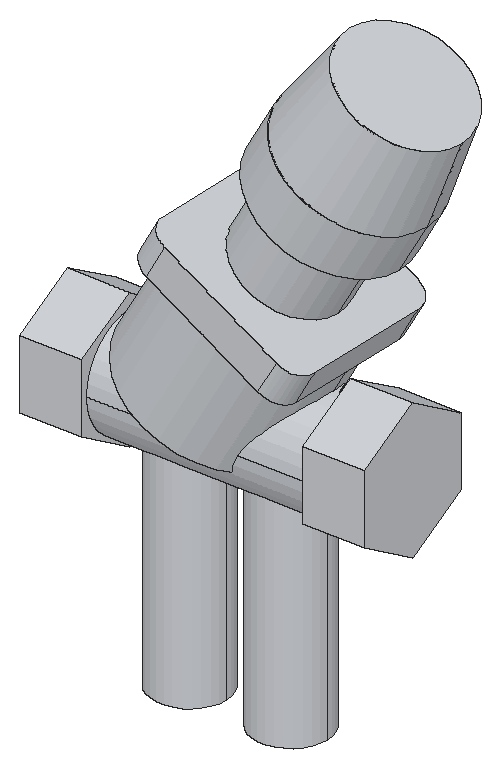
Revit family "OPTIMA_Compact_Plus_FF_DN15_5,0_RFA_2018", category Pipe Accessories, Revit 2018
Family settings
  Round Connector Dimension = Use Diameter
  Part Type = Valve - Breaks Into
  Work Plane-Based = No
  Always vertical = Yes
  Cut with Voids When Loaded = No
  Shared = No
Parameters (values of type "OPTIMA Compact Plus DN15 F-F 5.0mm")
  magiProductId = "2e6505697e744e01b0ad9c2d669662"
  magiProductFamilyId = "01be67634ee84b2d9a1468c78c5465"
  magiPartTypeId = 304
  isMeasuringValve [instance] = no
  ang2D [instance] = 0.00°
  Z = 0 mm
  X = 7 mm
  W2D = 32 mm
  VersionID = "2.0/2018.8.28.1/FRESE_OPTIMA-COMPACT-FF_001"
  Use Minimum Symbol Size [instance] = yes
  URL = "www.hydronic.cz"
  Type Comments = "vnitřní závit; PN25; 0~120°C, s měřením"
  R9 = 8 mm
  R8 = 14 mm
  R7 = 17 mm
  R6 = 12 mm
  R5 = 5 mm
  R4 = 19 mm
  R3 = 19 mm
  R2 = 12 mm
  R1 = 15 mm
  QmdConnectorList = "301;D;302;D"
  Productdata [instance] = ""
  PLG0 = yes
  Manufacturer = "Hydronic Systems Prague s.r.o."
  MC Product Code = "53-1365  (1/2\" F-F; 5.0mm; Qmin-dpmin 220l/h-16.0kPa; Qmax-dpmin 1330l/h-21.6kPa; dpmax 800kPa)"
  MC Piping Given Pressure Drop [instance] = 0.0 Pa
  LL = 37.5 mm
  L3 = 11 mm
  L2D_Min = 3048 mm
  L2D = 104 mm
  L2 = 48 mm
  L1__ve = -L1  # -13.5 mm
  L1 = 13.5 mm
  H6__ve = -H6  # -57 mm
  H6 = 57 mm
  H5 = 20 mm
  H4 = 12 mm
  H3 = 18 mm
  H2 = 8 mm
  H1 = 26 mm
  Description = "Tlakově nezávislý 2-cestný regulační vyvažovací ventil (PICV)"
  D = 15 mm
  CenSd_R1_6 = R1 * cos(30.00°)  # 12.99 mm
  A = 30.00°
Types (6, lengths in mm): name | magiProductId | Z | X | R4 | R3 | R2 | R1 | MC Product Code | LL | L3 | L2 | L1__ve | L1 | H6__ve | H6 | H3 | H2 | H1 | D | CenSd_R1_6
  OPTIMA Compact Plus DN32 F-F 5.5mm | "df1c00d195034ef0b1ec6dc57a3080" | 1 | 13 | 29 | 31.5 | 22 | 26 | "53-1374  (5/4\" F-F; 5.5mm; Qmin-dpmin 550l/h-17.9kPa; Qmax-dpmin 4001l/h-28.0kPa; dpmax 800kPa)" | 52 | 12.5 | 66.56 | -18.72 | 18.72 | -68 | 68 | 16 | 10 | 46 | 32 | 22.517
  OPTIMA Compact Plus DN15 F-F 2.5mm | "89b348523dca4fefb6c7ae521abddd" | 0 | 7 | 19 | 19 | 12 | 15 | "53-1364  (1/2\" F-F; 2.5mm; Qmin-dpmin 100l/h-14.9kPa; Qmax-dpmin 575l/h-18.5kPa; dpmax 800kPa)" | 37.5 | 11 | 48 | -13.5 | 13.5 | -57 | 57 | 18 | 8 | 26 | 15 | 12.99
  OPTIMA Compact Plus DN15 F-F 5.0mm | "2e6505697e744e01b0ad9c2d669662" | 0 | 7 | 19 | 19 | 12 | 15 | "53-1365  (1/2\" F-F; 5.0mm; Qmin-dpmin 220l/h-16.0kPa; Qmax-dpmin 1330l/h-21.6kPa; dpmax 800kPa)" | 37.5 | 11 | 48 | -13.5 | 13.5 | -57 | 57 | 18 | 8 | 26 | 15 | 12.99
  OPTIMA Compact Plus DN20 F-F 5.0mm | "3b063aaad6f44e8dbcb4679e4a622e" | 0 | 10 | 19 | 19 | 13.5 | 17.5 | "53-1368  (3/4\" F-F; 5.0mm; Qmin-dpmin 220l/h-16.0kPa; Qmax-dpmin 1330l/h-21.6kPa; dpmax 800kPa)" | 39.5 | 11 | 50.56 | -14.22 | 14.22 | -59.5 | 59.5 | 18 | 8 | 26 | 20 | 15.155
  OPTIMA Compact Plus DN20 F-F 5.5mm | "6f2e419bcadf4dd2a9ff6e694a03fa" | 0 | 10 | 19 | 19 | 13.5 | 17.5 | "53-1338  (3/4\" F-F; 5.5mm; Qmin-dpmin 300l/h-17.8kPa; Qmax-dpmin 1800l/h-40.0kPa; dpmax 800kPa)" | 39.5 | 11 | 50.56 | -14.22 | 14.22 | -59.5 | 59.5 | 18 | 8 | 26 | 20 | 15.155
  OPTIMA Compact Plus DN25 F-F 5.5mm | "d9f644dbdce8417aa9c852cd9f0b5f" | 0 | 13 | 29 | 31.5 | 18.5 | 22 | "53-1373  (1\" F-F; 5.5mm; Qmin-dpmin 600l/h-17.3kPa; Qmax-dpmin 3609l/h-23.0kPa; dpmax 800kPa)" | 50 | 12.5 | 64 | -18 | 18 | -64 | 64 | 16 | 10 | 43 | 25 | 19.053
Reference planes
  plane 1 "Center (Front/Back)": y = 0
  plane 2 "XYPLANE": z = 0
  plane 3 "Center (Left/Right)": x = 0
  plane 4 "267": x = 11
  plane 5 "266": x = -11
  plane 6 "252": through (-607.519, 0, 447.746) normal (0.5, 0, 0.866)
  plane 7 "250": through (-617.519, 0, 430.426) normal (0.5, 0, 0.866)
  plane 8 "248": through (-623.519, 0, 420.033) normal (0.5, 0, 0.866)
  plane 9 "245": through (-632.519, 0, 404.445) normal (0.5, 0, 0.866)
  plane 10 "241": through (352.483, 0, 662.519) normal (0.866, 0, -0.5)
  plane 11 "240": through (385.392, 0, 643.519) normal (0.866, 0, -0.5)
  plane 12 "239": y = -19
  plane 13 "238": y = 19
  plane 14 "237": through (-636.519, 0, 397.517) normal (0.5, 0, 0.866)
  plane 15 "235": through (-649.519, 0, 375) normal (0.5, 0, 0.866)
  plane 16 "231": y = 0
  plane 17 "230": through (368.938, 0, 653.019) normal (0.866, 0, -0.5)
  plane 18 "211": x = -24
  plane 19 "204": x = 37.5
  plane 20 "203": x = -37.5
  plane 21 "202": x = 0
  plane 22 "201": z = 0
  plane 23 "200": y = 0
  plane 24 "227XY": through (-649.519, 0, 375) normal (0.5, 0, 0.866)
  plane 25 "227XZ": y = 0
  plane 26 "227YZ": through (375, 0, 649.519) normal (0.866, 0, -0.5)
Forms (mm)
  Extrusion 1, solid
    sketch origin (37.5, -750, 0) x (0, 1, 0) y (0, 0, 1)
      loop
        line (750, 15) -> (737.01, 7.5) -> (737.01, -7.5) -> (750, -15) -> (762.99, -7.5) -> (762.99, 7.5) -> (750, 15)
    from 0 to -13.5 <- "L1__ve"
  Extrusion 2, solid
    sketch origin (-37.5, -750, 0) x (0, 1, 0) y (0, 0, 1)
      loop
        line (750, 15) -> (737.01, 7.5) -> (737.01, -7.5) -> (750, -15) -> (762.99, -7.5) -> (762.99, 7.5) -> (750, 15)
    from 0 to 13.5 <- "L1"
  Extrusion 3, solid, visible <- "PLG0"
    sketch origin (-750, 0, 0) x (1, 0, 0) y (0, 1, 0)
      loop
        circle (761, 0) r 8
    from 0 to -57 <- "H6__ve"
  Extrusion 4, solid, visible <- "PLG0"
    sketch origin (-750, 0, 0) x (1, 0, 0) y (0, 1, 0)
      loop
        circle (739, 0) r 8
    from 0 to -57 <- "H6__ve"
  Blend 5, solid
    base sketch origin (-617.519, 0, 430.426) x (0.866025, 0, -0.5) y (0, 1, 0)
      loop
        circle (743, 0) r 17
    top sketch origin (-617.519, 0, 430.426) x (0.866025, 0, -0.5) y (0, 1, 0)
      loop
        circle (743, 0) r 14
    from 0 to 20
  Extrusion 6, solid
    sketch origin (-623.519, 0, 420.033) x (0.866025, 0, -0.5) y (0, 1, 0)
      loop
        circle (743, 0) r 17
    from 0 to 12 <- "H4"
  Extrusion 7, solid
    sketch origin (-632.519, 0, 404.445) x (0.866025, 0, -0.5) y (0, 1, 0)
      loop
        circle (743, 0) r 12
    from 0 to 18 <- "H3"
  Extrusion 8, solid
    sketch origin (-636.519, 0, 397.517) x (0.866025, 0, -0.5) y (0, 1, 0)
      loop
        arc (729, 19) -> (725.464, 17.536) -> (724, 14) r 5
        line (724, 14) -> (724, -14)
        arc (724, -14) -> (725.464, -17.536) -> (729, -19) r 5
        line (729, -19) -> (757, -19)
        arc (757, -19) -> (760.536, -17.536) -> (762, -14) r 5
        line (762, -14) -> (762, 14)
        arc (762, 14) -> (760.536, 17.536) -> (757, 19) r 5
        line (757, 19) -> (729, 19)
    from 0 to 8 <- "H2"
  Extrusion 9, solid
    sketch origin (-649.519, 0, 375) x (0.866025, 0, -0.5) y (0, 1, 0)
      loop
        circle (743, 0) r 19
    from 0 to 26 <- "H1"
  Extrusion 10, solid
    sketch origin (-24, -750, 0) x (0, 1, 0) y (0, 0, 1)
      loop
        circle (750, 0) r 12
    from 0 to 48 <- "L2"
  Extrusion 11, solid, not visible
    sketch origin (37.5, -750, 0) x (0, 1, 0) y (0, 0, 1)
      loop
        circle (750, 0) r 10
    from 0 to -10
  Extrusion 12, solid, not visible
    sketch origin (-37.5, -750, 0) x (0, 1, 0) y (0, 0, 1)
      loop
        circle (750, 0) r 10
    from 0 to 10
Lines and regions (mm)
  reference lines, not visible
    curve 1: circle (2, 2, 0) r 1 normal (0, 0, 1)
  reference lines
    curve 2: line (37.5, 0, 0) -> (37.5, -11.258, -6.5)
    curve 3: line (37.5, 0, 0) -> (37.5, 0, -13)
    curve 4: line (37.5, 0, 0) -> (37.5, 11.258, -6.5)
    curve 5: line (-37.5, 0, 0) -> (-37.5, 11.258, -6.5)
    curve 6: line (-37.5, 0, 0) -> (-37.5, 0, -13)
    curve 7: line (-37.5, 0, 0) -> (-37.5, -11.258, -6.5)
Dimensions and locks
  plane 1 "Center (Front/Back)" to curve 1 = 2 mm
  "L3": plane 3 "Center (Left/Right)" to plane 4 "267"
  "L3": plane 3 "Center (Left/Right)" to plane 5 "266"
  "H5": plane 7 "250" to plane 6 "252"
  "H4": plane 8 "248" to plane 7 "250"
  "H3": plane 9 "245" to plane 8 "248"
  "H2": plane 14 "237" to plane 9 "245"
  "R4": plane 17 "230" to plane 10 "241"
  "R4": plane 17 "230" to plane 11 "240"
  "R4": plane 23 "200" to plane 12 "239"
  "R4": plane 23 "200" to plane 13 "238"
  "H1": plane 15 "235" to plane 14 "237"
  "Z": plane 24 "227XY" to plane 15 "235"
  locked: plane 23 "200" to plane 16 "231"
  "X": plane 26 "227YZ" to plane 17 "230"
  "L1": plane 20 "203" to plane 18 "211"
  "LL": plane 3 "Center (Left/Right)" to plane 19 "204"
  "LL": plane 3 "Center (Left/Right)" to plane 20 "203"
  locked: plane 3 "Center (Left/Right)" to plane 21 "202"
  locked: plane 2 "XYPLANE" to plane 22 "201"
  locked: plane 1 "Center (Front/Back)" to plane 23 "200"
  "CenSd_R1_6": curve 2 to Extrusion 1 sketch curve  (x2)
  "CenSd_R1_6": curve 3 to Extrusion 1 sketch curve  (x2)
  "CenSd_R1_6": curve 4 to Extrusion 1 sketch curve  (x2)
  Extrusion 1 sketch curve to Extrusion 1 sketch curve = 0 mm  (x12)
  "CenSd_R1_6": curve 5 to Extrusion 2 sketch curve  (x2)
  "CenSd_R1_6": curve 6 to Extrusion 2 sketch curve  (x2)
  "CenSd_R1_6": curve 7 to Extrusion 2 sketch curve  (x2)
  Extrusion 2 sketch curve to Extrusion 2 sketch curve = 0 mm  (x12)
  Extrusion 8 sketch curve to Extrusion 8 sketch curve = 0 mm  (x16)
  "R9": radius of Extrusion 3 sketch curve
  "R9": radius of Extrusion 4 sketch curve
  "R8": radius of Blend 5 sketch curve
  "R7": radius of Blend 5 sketch curve
  "R7": radius of Extrusion 6 sketch curve
  "R6": radius of Extrusion 7 sketch curve
  "R5": radius of Extrusion 8 sketch curve  (x4)
  "R3": radius of Extrusion 9 sketch curve
  "R2": radius of Extrusion 10 sketch curve
  locked: curve 3 to curve 2 (angle 60.00°)
  locked: curve 4 to curve 3 (angle 60.00°)
  locked: curve 4 to curve 2 (angle 120.00°)
  locked: curve 6 to curve 5 (angle 60.00°)
  locked: curve 7 to curve 6 (angle 60.00°)
  locked: curve 7 to curve 5 (angle 120.00°)
  aligned and locked: level to plane 2 "XYPLANE"
  aligned and locked: plane 22 "201" to curve 4
  aligned and locked: curve 4 to plane 23 "200"
  aligned and locked: plane 22 "201" to curve 7
  aligned and locked: curve 7 to plane 23 "200"
  aligned and locked: plane 4 "267" to Extrusion 3 sketch curve
  aligned and locked: plane 23 "200" to Extrusion 3 sketch curve
  aligned and locked: plane 5 "266" to Extrusion 4 sketch curve
  aligned and locked: plane 23 "200" to Extrusion 4 sketch curve
  aligned and locked: plane 16 "231" to Blend 5 sketch curve  (x2)
  aligned and locked: Blend 5 sketch curve to plane 17 "230"  (x2)
  aligned and locked: plane 6 "252" to Blend 5
  aligned and locked: plane 16 "231" to Extrusion 6 sketch curve
  aligned and locked: Extrusion 6 sketch curve to plane 17 "230"
  aligned and locked: plane 16 "231" to Extrusion 7 sketch curve
  aligned and locked: Extrusion 7 sketch curve to plane 17 "230"
  aligned and locked: Extrusion 8 sketch curve to plane 10 "241"
  aligned and locked: Extrusion 8 sketch curve to plane 12 "239"
  aligned and locked: Extrusion 8 sketch curve to plane 11 "240"
  aligned and locked: plane 13 "238" to Extrusion 8 sketch curve
  aligned and locked: plane 16 "231" to Extrusion 9 sketch curve
  aligned and locked: Extrusion 9 sketch curve to plane 17 "230"
  aligned and locked: plane 22 "201" to Extrusion 10 sketch curve
  aligned and locked: Extrusion 10 sketch curve to plane 23 "200"
  aligned and locked: plane 22 "201" to Extrusion 11 sketch curve
  aligned and locked: Extrusion 11 sketch curve to plane 23 "200"
  aligned and locked: plane 22 "201" to Extrusion 12 sketch curve
  aligned and locked: Extrusion 12 sketch curve to plane 23 "200"
Automatic sketch dimensions
  plane 1 "Center (Front/Back)" to Extrusion 11 sketch curve = 10 mm
  plane 1 "Center (Front/Back)" to Extrusion 12 sketch curve = 10 mm
  plane 3 "Center (Left/Right)" to curve 1 = 2 mm
  radius of curve 1 = 1 mm
Connectors
  piping at (-37.5, 0, 0), diameter 15, driven by "D"
    settings: on Extrusion 12, index 1, connector inside diameter 609.6 mm, connector length 0 mm, flow factor 0, pipe flow 0.0 L/s, pressure drop 0.0 Pa, fitting loss kfactor 0, connector angle 0.00°, fixture units 0, engagement length 0 mm, angle of deflection 0.00°, flow configuration 0, flow direction 0, fitting loss method 0, system type 29, joint type 0, gender type 0, connector reference index 2, connector utility 0, adjustable connector no, is connector primary yes, connector description ""
  piping at (37.5, 0, 0), diameter 15, driven by "D"
    settings: on Extrusion 11, index 2, connector inside diameter 609.6 mm, connector length 0 mm, flow factor 0, pipe flow 0.0 L/s, pressure drop 0.0 Pa, fitting loss kfactor 0, connector angle 0.00°, fixture units 0, engagement length 0 mm, angle of deflection 0.00°, flow configuration 0, flow direction 0, fitting loss method 0, system type 29, joint type 0, gender type 0, connector reference index 1, connector utility 0, adjustable connector no, is connector primary no, connector description ""
